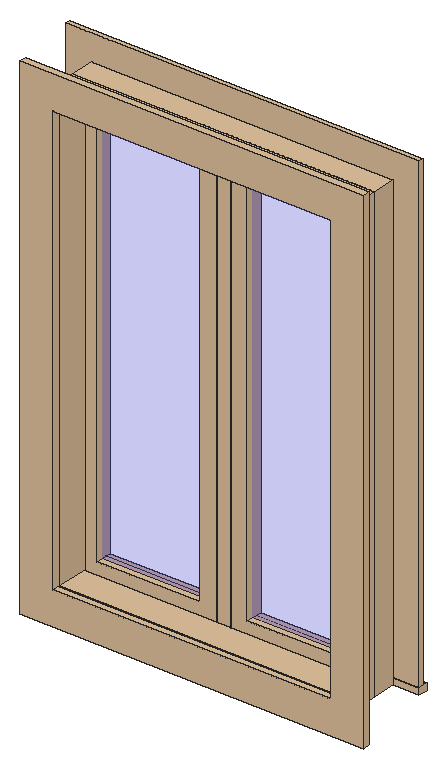
Revit family
Parameters (values of type "0812 x 1220mm")
  Glass Pane Material = Glass
  Height = 1220.00 mm
  Sash = Sash
  Default Sill Height = 915.00 mm
  Trim Exterior Material = Trim
  Trim Interior Material = Trim
  Trim Projection - Ext. = 13.00 mm
  Trim Projection - Int. = 19.00 mm
  Trim Width - Exterior = 89.00 mm
  Trim Width - Interior = 89.00 mm
  Wall Closure = (empty or 0)
  Width = 812.00 mm
  Window Inset = 19.00 mm
Types (4, lengths in mm): name | Height | Default Sill Height | Width
  (no name) | 1220.00 | 915.00 | 812.00
  1220 x 1220mm | 1220.00 | 915.00 | 1220.00
  1830 x 0915mm | 915.00 | 1220.00 | 1830.00
  0812 x 1220mm | 1220.00 | 915.00 | 812.00
Reference planes
  plane 1: y = 0
  plane 2: z = 0
  plane 3 "Center": x = 0
  plane 4 "Left": x = -406
  plane 5 "Right": x = 406
  plane 6 "Sill": z = 915
  plane 7 "Top": z = 2135
  plane 8: y = 95.25
  plane 9: y = -57.15
  plane 10: y = 76.25
  plane 11 "Top": z = 1525
  plane 12: x = -374.25
  plane 13: x = -475.95
  plane 14: x = -463.25
  plane 15: x = 374.25
  plane 16: x = 475.95
  plane 17: x = 463.25
  plane 18: x = 386.95
  plane 19: x = -386.95
  plane 20: z = 2204.95
  plane 21: z = 2192.25
  plane 22: z = 2115.95
  plane 23: z = 2103.25
  plane 24: z = 946.75
  plane 25: z = 857.75
  plane 26 "Closure": y = 46.8
Forms (mm)
  Extrusion 1, solid, material "Trim" <- "Trim Exterior Material"
    sketch origin (0, 0, 0) x (1, 0, 0) y (0, 0, 1)
      loop
        line (-406, 2135) -> (-406, 915) -> (406, 915) -> (406, 2135) -> (-406, 2135)
      loop
        line (-386.95, 2115.95) -> (-386.95, 934.05) -> (386.95, 934.05) -> (386.95, 2115.95) -> (-386.95, 2115.95)
    from -95.25 to -31.8
  Extrusion 2, solid, material "Trim" <- "Trim Interior Material"
    sketch origin (0, 0, 0) x (-1, 0, 0) y (0, 0, 1)
      loop
        line (-406, 2135) -> (-406, 915) -> (406, 915) -> (406, 2135) -> (-406, 2135)
      loop
        line (-374.25, 2103.25) -> (-374.25, 946.75) -> (374.25, 946.75) -> (374.25, 2103.25) -> (-374.25, 2103.25)
    from 31.8 to -57.15
  Extrusion 3, solid, material "Sash" <- "Sash"
    sketch origin (0, 0, 0) x (-1, 0, 0) y (0, 0, 1)
      loop
        line (19.05, 2115.95) -> (19.05, 934.05) -> (386.95, 934.05) -> (386.95, 2115.95) -> (19.05, 2115.95)
      loop
        line (63.5, 2071.5) -> (63.5, 978.5) -> (342.5, 978.5) -> (342.5, 2071.5) -> (63.5, 2071.5)
    from 31.8 to 76.25
  Extrusion 4, solid, material "Glass" <- "Glass Pane Material"
    sketch origin (-124.971, 0, -117.036) x (1, 0, 0) y (0, 0, 1)
      loop
        line (-217.529, 2188.536) -> (-217.529, 1095.536) -> (61.471, 1095.536) -> (61.471, 2188.536) -> (-217.529, 2188.536)
    from -60.375 to -47.675
  Extrusion 5, solid, material "Trim" <- "Trim Interior Material"
    sketch origin (0, 0, 0) x (1, 0, 0) y (0, 0, 1)
      loop
        line (-374.25, 2103.25) -> (-374.25, 946.75) -> (374.25, 946.75) -> (374.25, 2103.25) -> (-374.25, 2103.25)
      loop
        line (-463.25, 2192.25) -> (-463.25, 857.75) -> (463.25, 857.75) -> (463.25, 2192.25) -> (-463.25, 2192.25)
    from 57.15 to 76.15
  Extrusion 6, solid, material "Trim" <- "Trim Exterior Material"
    sketch origin (0, 0, 0) x (-1, 0, 0) y (0, 0, 1)
      loop
        line (-386.95, 2115.95) -> (386.95, 2115.95) -> (386.95, 934.05) -> (475.95, 934.05) -> (475.95, 2204.95) -> (-475.95, 2204.95) -> (-475.95, 934.05) -> (-386.95, 934.05) -> (-386.95, 2115.95)
    from 95.25 to 108.25
  Extrusion 7, solid, material "Trim" <- "Trim Exterior Material"
    sketch origin (0, 0, 0) x (-1, 0, 0) y (0, 0, 1)
      loop
        line (-475.95, 934.05) -> (-475.95, 915) -> (475.95, 915) -> (475.95, 934.05) -> (-475.95, 934.05)
    from 95.25 to 120.95
  Extrusion 8, solid, material "Trim" <- "Trim Exterior Material"
    sketch origin (0, 0, 0) x (1, 0, 0) y (0, 0, 1)
      loop
        line (-19.05, 2115.95) -> (-19.05, 934.05) -> (19.05, 934.05) -> (19.05, 2115.95) -> (-19.05, 2115.95)
    from -95.3 to -31.8
  Extrusion 9, solid, material "Sash" <- "Sash"
    sketch origin (0, 0, 0) x (-1, 0, 0) y (0, 0, 1)
      loop
        line (-386.95, 2115.95) -> (-386.95, 934.05) -> (-19.05, 934.05) -> (-19.05, 2115.95) -> (-386.95, 2115.95)
      loop
        line (-342.5, 2071.5) -> (-342.5, 978.5) -> (-63.5, 978.5) -> (-63.5, 2071.5) -> (-342.5, 2071.5)
    from 31.8 to 76.25
  Extrusion 10, solid, material "Glass" <- "Glass Pane Material"
    sketch origin (0, 0, 0) x (-1, 0, 0) y (0, 0, 1)
      loop
        line (-342.5, 2071.5) -> (-342.5, 978.5) -> (-63.5, 978.5) -> (-63.5, 2071.5) -> (-342.5, 2071.5)
    from 47.675 to 60.375
Lines and regions (mm)
  Opening 1
    outline origin (-1524, -57.15, 0) x (1, 0, 0) y (0, 0, 1)
      loop
        line (1118, 2135) -> (1118, 915) -> (1930, 915) -> (1930, 2135) -> (1118, 2135)
  symbolic lines, style "WindowsFrameMullionProjection"
    curve 1: line (-406, 95.25, 0) -> (-386.95, 95.25, 0)
    curve 2: line (-386.95, 31.8, 0) -> (-386.95, 95.25, 0)
    curve 3: line (-386.95, 31.8, 0) -> (-374.25, 31.8, 0)
    curve 4: line (-374.25, -57.15, 0) -> (-374.25, 31.8, 0)
    curve 5: line (406, 95.25, 0) -> (386.95, 95.25, 0)
    curve 6: line (374.25, 31.8, 0) -> (374.25, -57.15, 0)
    curve 7: line (386.95, 31.8, 0) -> (386.95, 95.25, 0)
    curve 8: line (-386.95, 76.25, 0) -> (-342.5, 76.25, 0)
    curve 9: line (-386.95, 76.25, 0) -> (-386.95, 31.8, 0)
    curve 10: line (-386.95, 31.8, 0) -> (-342.5, 31.8, 0)
    curve 11: line (-342.5, 76.25, 0) -> (-342.5, 31.8, 0)
    curve 12: line (386.95, 76.25, 0) -> (342.5, 76.25, 0)
    curve 13: line (386.95, 76.25, 0) -> (386.95, 31.8, 0)
    curve 14: line (386.95, 31.8, 0) -> (342.5, 31.8, 0)
    curve 15: line (342.5, 76.25, 0) -> (342.5, 31.8, 0)
    curve 21: line (-374.25, -57.15, 0) -> (-406, -57.15, 0)
    curve 22: line (374.25, -57.15, 0) -> (406, -57.15, 0)
    curve 27: line (-19.05, 95.3, 0) -> (19.05, 95.3, 0)
    curve 28: line (-19.05, 95.3, 0) -> (-19.05, 31.8, 0)
    curve 29: line (-19.05, 31.8, 0) -> (19.05, 31.8, 0)
    curve 30: line (19.05, 95.3, 0) -> (19.05, 31.8, 0)
    curve 31: line (-63.5, 76.25, 0) -> (-19.05, 76.25, 0)
    curve 32: line (-63.5, 76.25, 0) -> (-63.5, 31.8, 0)
    curve 33: line (-63.5, 31.8, 0) -> (-19.05, 31.8, 0)
    curve 34: line (-19.05, 76.25, 0) -> (-19.05, 31.8, 0)
    curve 35: line (63.5, 76.25, 0) -> (19.05, 76.25, 0)
    curve 36: line (63.5, 76.25, 0) -> (63.5, 31.8, 0)
    curve 37: line (63.5, 31.8, 0) -> (19.05, 31.8, 0)
    curve 38: line (19.05, 76.25, 0) -> (19.05, 31.8, 0)
  symbolic lines, style "WindowsGlassProjection"
    curve 16: line (-342.5, 54.025, 0) -> (-63.5, 54.025, 0)
    curve 39: line (63.5, 54.025, 0) -> (342.5, 54.025, 0)
  symbolic lines, style "Elevation Swing"
    curve 17: line (342.5, 76.25, 1521.672) -> (63.5, 76.25, 2071.5)
    curve 18: line (342.5, 76.25, 1521.672) -> (63.5, 76.25, 978.5)
    curve 19: line (63.5, 31.8, 978.5) -> (342.5, 31.8, 1521.672)
    curve 20: line (342.5, 31.8, 1521.672) -> (63.5, 31.8, 2071.5)
    curve 23: line (-63.5, 76.25, 2071.5) -> (-342.5, 76.25, 1528.328)
    curve 24: line (-342.5, 76.25, 1528.328) -> (-63.5, 76.25, 978.5)
    curve 25: line (-63.5, 31.8, 2071.5) -> (-342.5, 31.8, 1528.328)
    curve 26: line (-342.5, 31.8, 1528.328) -> (-63.5, 31.8, 978.5)
Text (mm)
  text "EXTERIOR" at (-1437.207, 772.553, 0), in view "Floor Line"
  text "INTERIOR" at (-1490.695, -586.534, 0), in view "Floor Line"
  text "Exterior" at (0, 1108.87, 3415.022), in view "Left"
  text "Exterior" at (0, 464.664, 3176.206), in view "Right"
Dimensions and locks
  equal spacing: plane 4 "Left", plane 3 "Center", plane 5 "Right"
  "Width": plane 4 "Left" to plane 5 "Right"
  plane 2 to plane 25 to plane 6 "Sill" to plane 11 "Top" to plane 7 "Top" = 857.75 mm, 57.25 mm, 610.00 mm, 610.00 mm
  "Window Inset": plane 8 to plane 10
  locked: plane 10 to Extrusion 3 at 44.45
  locked: plane 10 to Extrusion 4 at 15.875
  locked: Extrusion 4 to Extrusion 4 at 12.7
  "Trim Projection - Int.": Extrusion 5 to Extrusion 5
  equal spacing: plane 6 "Sill", plane 11 "Top", plane 7 "Top"
  locked: Extrusion 7 to Extrusion 6 at 12.7
  "Trim Projection - Ext.": Extrusion 6 to Extrusion 6
  locked: Extrusion 10 to Extrusion 9 at 15.875
  locked: Extrusion 10 to Extrusion 10 at 12.7
  locked: Extrusion 9 to Extrusion 8 at 19.05
  locked: plane 4 "Left" to plane 19 at 19.05
  locked: plane 18 to plane 5 "Right" at 19.05
  locked: plane 15 to plane 5 "Right" at 31.75
  locked: plane 4 "Left" to plane 12 at 31.75
  locked: plane 22 to plane 7 "Top" at 19.05
  "Trim Width - Exterior": plane 22 to plane 20
  "Trim Width - Exterior": plane 18 to plane 16
  "Trim Width - Exterior": plane 13 to plane 19
  locked: plane 7 "Top" to plane 23 at 31.75
  locked: plane 24 to plane 6 "Sill" at 31.75
  "Trim Width - Interior": plane 21 to plane 23
  "Trim Width - Interior": plane 24 to plane 25
  "Trim Width - Interior": plane 14 to plane 12
  "Trim Width - Interior": plane 15 to plane 17
  locked: Extrusion 7 sketch curve to Extrusion 7 sketch curve at 19.05
  "Height": plane 7 "Top" to plane 6 "Sill"
  "Default Sill Height": plane 6 "Sill" to plane 2
  locked: plane 26 "Closure" to plane 8 at 48.45
  aligned and locked: plane 7 "Top" to Opening 1 sketch curve
  aligned and locked: plane 6 "Sill" to Opening 1 sketch curve  (x2)
  aligned and locked: plane 5 "Right" to Opening 1 sketch curve
  aligned and locked: plane 4 "Left" to Opening 1 sketch curve
  aligned and locked: plane 9 to host wall
  aligned and locked: host wall to Extrusion 2
  aligned and locked: plane 10 to Extrusion 3
  aligned and locked: plane 8 to host wall
  aligned and locked: host wall to Extrusion 1
  aligned and locked: Extrusion 2 to Extrusion 1
  aligned and locked: Extrusion 1 to Extrusion 3
  aligned and locked: Extrusion 4 sketch curve to Extrusion 3  (x4)
  aligned and locked: Extrusion 1 to curve 10
  aligned and locked: Extrusion 5 sketch curve to Extrusion 2  (x4)
  aligned and locked: Extrusion 5 to host wall
  aligned and locked: Extrusion 7 sketch curve to Extrusion 6  (x2)
  aligned and locked: Extrusion 6 to host wall
  aligned and locked: Extrusion 7 to host wall
  aligned and locked: Extrusion 1 to Extrusion 8 sketch curve  (x2)
  aligned and locked: Extrusion 3 sketch curve to Extrusion 8
  aligned and locked: Extrusion 9 sketch curve to Extrusion 1  (x2)
  aligned and locked: Extrusion 9 sketch curve to Extrusion 8  (x2)
  aligned and locked: Extrusion 1 to Extrusion 8
  aligned and locked: Extrusion 9 to Extrusion 3
  aligned and locked: Extrusion 1 to Extrusion 9
  aligned and locked: Extrusion 10 sketch curve to Extrusion 9  (x4)
  aligned and locked: Extrusion 4 to Extrusion 10
  aligned and locked: curve 19 to Extrusion 9
  aligned and locked: Extrusion 9 to curve 19
  aligned and locked: Extrusion 3 to curve 23
  aligned and locked: curve 23 to Extrusion 3
  aligned and locked: curve 24 to Extrusion 3
  aligned and locked: curve 27 to Extrusion 8  (x2)
  aligned and locked: curve 30 to Extrusion 8  (x2)
  aligned and locked: curve 16 to curve 39
  aligned and locked: curve 15 to Extrusion 9
  aligned and locked: Extrusion 1 to curve 13
  aligned and locked: Extrusion 2 to curve 6
  aligned and locked: curve 7 to Extrusion 1
  aligned and locked: Extrusion 2 to curve 22
  aligned and locked: curve 11 to Extrusion 3
  aligned and locked: curve 9 to Extrusion 3
  aligned and locked: curve 2 to Extrusion 1
  aligned and locked: curve 1 to Extrusion 1
  aligned and locked: curve 14 to Extrusion 1
Automatic sketch dimensions
  Extrusion 1 sketch curve to plane 4 "Left" = 0.00 mm
  Extrusion 1 sketch curve to plane 5 "Right" = 0.00 mm
  Extrusion 1 sketch curve to plane 4 "Left" = 19.05 mm
  plane 5 "Right" to Extrusion 1 sketch curve = 19.05 mm
  Extrusion 1 sketch curve to plane 6 "Sill" = 0.00 mm
  Extrusion 1 sketch curve to plane 7 "Top" = 0.00 mm
  Extrusion 1 sketch curve to plane 6 "Sill" = 19.05 mm
  plane 7 "Top" to Extrusion 1 sketch curve = 19.05 mm
  Extrusion 2 sketch curve to plane 5 "Right" = 0.00 mm
  Extrusion 2 sketch curve to plane 4 "Left" = 0.00 mm
  plane 5 "Right" to Extrusion 2 sketch curve = 31.75 mm
  Extrusion 2 sketch curve to plane 4 "Left" = 31.75 mm
  Extrusion 2 sketch curve to plane 6 "Sill" = 0.00 mm
  Extrusion 2 sketch curve to plane 7 "Top" = 0.00 mm
  Extrusion 2 sketch curve to plane 6 "Sill" = 31.75 mm
  plane 7 "Top" to Extrusion 2 sketch curve = 31.75 mm
  Extrusion 8 sketch curve to plane 3 "Center" = 19.05 mm
  plane 3 "Center" to Extrusion 8 sketch curve = 19.05 mm
  Extrusion 3 sketch curve to Extrusion 3 sketch curve = 44.45 mm  (x2)
  Extrusion 3 sketch curve to plane 4 "Left" = 63.50 mm
  Extrusion 3 sketch curve to plane 4 "Left" = 19.05 mm
  Extrusion 3 sketch curve to plane 6 "Sill" = 19.05 mm
  plane 7 "Top" to Extrusion 3 sketch curve = 63.50 mm
  plane 7 "Top" to Extrusion 3 sketch curve = 19.05 mm
  plane 5 "Right" to Extrusion 9 sketch curve = 63.50 mm
  plane 3 "Center" to Extrusion 9 sketch curve = 63.50 mm
  Extrusion 9 sketch curve to plane 6 "Sill" = 63.50 mm
  plane 7 "Top" to Extrusion 9 sketch curve = 63.50 mm
  curve 1 to plane 4 "Left" = 0.00 mm
  curve 21 to plane 4 "Left" = 0.00 mm
  curve 4 to plane 9 = 0.00 mm
  curve 32 to plane 10 = 0.00 mm
  curve 36 to plane 10 = 0.00 mm
  curve 22 to plane 5 "Right" = 0.00 mm
  curve 5 to plane 5 "Right" = 0.00 mm
  curve 2 to curve 3 = 12.70 mm
  curve 16 to curve 33 = 44.45 mm
  curve 37 to curve 39 = 44.45 mm
  curve 15 to plane 10 = 0.00 mm
  curve 8 to plane 10 = 0.00 mm
  curve 7 to plane 8 = 0.00 mm
  curve 6 to curve 39 = 22.225 mm
  curve 23 to plane 3 "Center" = 63.50 mm
  plane 7 "Top" to curve 17 = 63.50 mm
  curve 25 to curve 23 = 0.00 mm  (x2)
  curve 20 to curve 17 = 0.00 mm
  curve 23 to plane 11 "Top" = 3.328 mm
  curve 26 to curve 23 = 0.00 mm  (x2)
  plane 11 "Top" to curve 18 = 3.328 mm
  curve 19 to curve 17 = 0.00 mm
  curve 18 to plane 6 "Sill" = 63.50 mm
  plane 3 "Center" to curve 19 = 63.50 mm
  curve 24 to plane 3 "Center" = 63.50 mm
  curve 26 to curve 24 = 0.00 mm  (x2)
  plane 3 "Center" to curve 20 = 63.50 mm
  curve 18 to curve 19 = 0.00 mm  (x2)
  curve 17 to curve 20 = 0.00 mm
  Extrusion 7 sketch curve to plane 13 = 0.00 mm
  Extrusion 5 sketch curve to plane 14 = 0.00 mm
  Extrusion 5 sketch curve to plane 17 = 0.00 mm
  Extrusion 5 sketch curve to plane 25 = 0.00 mm
  Extrusion 5 sketch curve to plane 21 = 0.00 mm
  Extrusion 6 sketch curve to plane 16 = 0.00 mm
  Extrusion 6 sketch curve to plane 18 = 0.00 mm
  Extrusion 6 sketch curve to plane 19 = 0.00 mm
  Extrusion 6 sketch curve to plane 13 = 0.00 mm
  Extrusion 6 sketch curve to plane 22 = 0.00 mm
  Extrusion 6 sketch curve to plane 20 = 0.00 mm
  Extrusion 6 sketch curve to plane 6 "Sill" = 19.05 mm  (x2)
